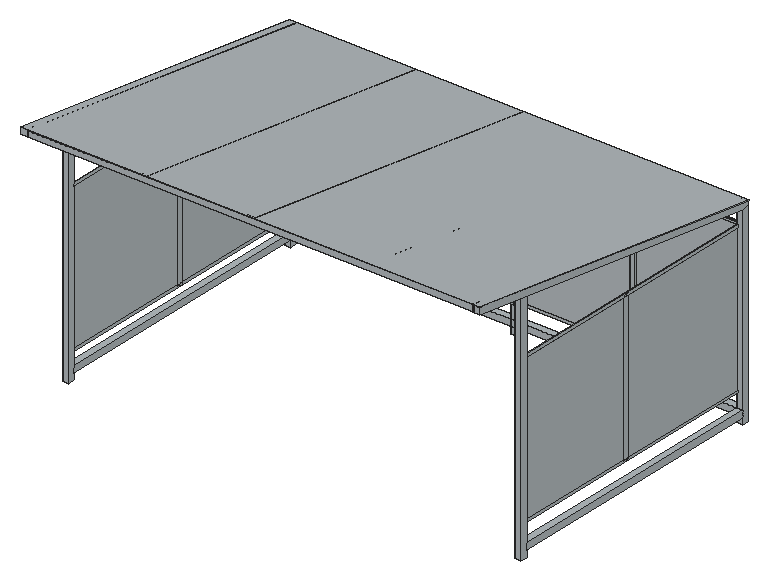
Revit family "8043681 - Nova Steel Post Straight Tin Roof Galvanised – Sunken Foundation", category Furniture, Revit 2020
Family settings
  OmniClass Number = 23.21.23.13.15
  Work Plane-Based = No
  Always vertical = Yes
  Cut with Voids When Loaded = No
  Shared = No
  Room Calculation Point = No
Parameters (values of type "8043681 Galvanised")
  Uniclass 1.4 Description = "Furniture"
  Uniclass 1.4 Code = "L8211"
  URL = "https://www.hags.com/"
  QR code = ""
  Product url = "https://www.hags.com/en-us/park-urban/bicycle-storage/nova-cycle-shed/steel-post-sunken-foundation-straight-plastic-roof-jan-2014-galvanised"
  Product name = "Steel Post Straight Tin Roof Galvanised – Sunken Foundation"
  Product data url = ""
  Product SKU = ""
  Product Guid = "90e49432-c870-4a59-897e-b15016e8f9bd"
  OmniClass Description = ""
  OmniClass Code = "23-21 23 13 15"
  Model = "8043681"
  Manufacturer name = "HAGS"
  Manufacturer = "Hags"
  IFC Classification = "Furniture"
  Edition number = 1
  Description = "Steel Post Straight Tin Roof Galvanised"  # constant formula
  Default Elevation = 0 mm
  Construction material = Hags - Steel - Galvanized
  Body material_90 = Hags - Steel - Mesh
  Body material = Hags - Steel - Galvanized
  BIMobject category = "bicycle-storage"
Reference planes
  plane 1 "Center (Front/Back)": y = 0
  plane 2: z = 0
  plane 3 "Center (Left/Right)": x = 0
Forms (mm)
  Extrusion 1, solid, material "Hags - Steel - Galvanized" <- "Construction material"
    sketch origin (0, 0, 0) x (1, 0, 0) y (0, 1, 0)
      loop
        line (2304.823, 1564.875) -> (2244.823, 1564.875) -> (2244.823, 1504.875) -> (2304.823, 1504.875) -> (2304.823, 1564.875)
      loop
        line (2247.823, 1561.875) -> (2247.823, 1507.875) -> (2301.823, 1507.875) -> (2301.823, 1561.875) -> (2247.823, 1561.875)
    from 0 to 1764.748
  Extrusion 2, solid, material "Hags - Steel - Galvanized" <- "Construction material"
    sketch origin (-4140, 0, 0) x (1, 0, 0) y (0, 1, 0)
      loop
        line (2304.823, 1564.875) -> (2244.823, 1564.875) -> (2244.823, 1504.875) -> (2304.823, 1504.875) -> (2304.823, 1564.875)
      loop
        line (2247.823, 1561.875) -> (2247.823, 1507.875) -> (2301.823, 1507.875) -> (2301.823, 1561.875) -> (2247.823, 1561.875)
    from 0 to 1800
  Extrusion 3, solid, material "Hags - Steel - Galvanized" <- "Construction material"
    sketch origin (0, -2540, 0) x (1, 0, 0) y (0, 1, 0)
      loop
        line (2304.823, 1564.875) -> (2244.823, 1564.875) -> (2244.823, 1504.875) -> (2304.823, 1504.875) -> (2304.823, 1564.875)
      loop
        line (2247.823, 1561.875) -> (2247.823, 1507.875) -> (2301.823, 1507.875) -> (2301.823, 1561.875) -> (2247.823, 1561.875)
    from 0 to 2200
  Extrusion 4, solid, material "Hags - Steel - Galvanized" <- "Construction material"
    sketch origin (-4140, -2540, 0) x (1, 0, 0) y (0, 1, 0)
      loop
        line (2304.823, 1564.875) -> (2244.823, 1564.875) -> (2244.823, 1504.875) -> (2304.823, 1504.875) -> (2304.823, 1564.875)
      loop
        line (2247.823, 1561.875) -> (2247.823, 1507.875) -> (2301.823, 1507.875) -> (2301.823, 1561.875) -> (2247.823, 1561.875)
    from 0 to 2200
  Extrusion 5, solid, material "Hags - Steel - Galvanized" <- "Construction material"
    sketch origin (0, 0, 1720) x (1, 0, 0) y (0, 1, 0)
      loop
        line (-1835.177, 1564.875) -> (-1835.177, 1504.875) -> (2244.823, 1504.875) -> (2244.823, 1564.875) -> (-1835.177, 1564.875)
    from 0 to 92.5
  Extrusion 6, solid, material "Hags - Steel - Galvanized" <- "Construction material"
    sketch origin (-1895, 0, 12.5) x (0, 1, 0) y (0, 0, 1)
      loop
        line (-1507.214, 2214.85) -> (1564.875, 1739.285) -> (1564.875, 1800) -> (-1507.214, 2275.565) -> (-1507.214, 2214.85)
    from -8.457 to 60
  Extrusion 7, solid, material "Hags - Steel - Galvanized" <- "Construction material"
    sketch origin (0, 0, 60) x (1, 0, 0) y (0, 1, 0)
      loop
        line (-1835.177, 1564.875) -> (-1835.177, 1504.875) -> (2244.823, 1504.875) -> (2244.823, 1564.875) -> (-1835.177, 1564.875)
    from 0 to 60
  Extrusion 8, solid, material "Hags - Steel - Galvanized" <- "Construction material"
    sketch origin (739.949, -315.401, 60) x (0, -1, 0) y (1, 0, 0)
      loop
        line (-1820.276, 1564.875) -> (-1820.276, 1504.875) -> (659.724, 1504.875) -> (659.724, 1564.875) -> (-1820.276, 1564.875)
    from 0 to 60
  Extrusion 9, solid, material "Hags - Steel - Galvanized" <- "Construction material"
    sketch origin (-3399.875, -315.401, 60) x (0, -1, 0) y (1, 0, 0)
      loop
        line (-1820.276, 1564.875) -> (-1820.276, 1504.875) -> (659.724, 1504.875) -> (659.724, 1564.875) -> (-1820.276, 1564.875)
    from 0 to 60
  Extrusion 10, solid, material "Hags - Steel - Galvanized" <- "Construction material"
    sketch origin (0.177, -3012.088, 2228.119) x (1, 0, 0) y (0, 1, 0)
      loop
        line (-1835.177, 1564.875) -> (-1835.177, 1504.875) -> (2244.823, 1504.875) -> (2244.823, 1564.875) -> (-1835.177, 1564.875)
    from 0 to 53.375
  Extrusion 11, solid, material "Hags - Steel - Galvanized" <- "Construction material"
    sketch origin (0.177, -2549.912, 2079.994) x (1, 0, 0) y (0, 1, 0)
      loop
        line (-1835.177, 1564.875) -> (-1835.177, 1504.875) -> (2244.823, 1504.875) -> (2244.823, 1564.875) -> (-1835.177, 1564.875)
    from 0 to 60
  Extrusion 12, solid, material "Hags - Steel - Galvanized" <- "Construction material"
    sketch origin (-2070, 0, 0) x (1, 0, 0) y (0, 1, 0)
      loop
        line (2304.823, 1564.875) -> (2244.823, 1564.875) -> (2244.823, 1504.875) -> (2304.823, 1504.875) -> (2304.823, 1564.875)
      loop
        line (2247.823, 1561.875) -> (2247.823, 1507.875) -> (2301.823, 1507.875) -> (2301.823, 1561.875) -> (2247.823, 1561.875)
    from 0 to 1764.748
  Extrusion 13, solid, material "Hags - Steel - Galvanized" <- "Construction material"
    sketch origin (2244.823, 0, 12.5) x (0, 1, 0) y (0, 0, 1)
      loop
        line (-1507.214, 2214.85) -> (1564.875, 1739.285) -> (1564.875, 1800) -> (-1507.214, 2275.565) -> (-1507.214, 2214.85)
    from -8.457 to 60
  Extrusion 14, solid, material "Hags - Steel - Galvanized" <- "Construction material"
    sketch origin (-805.059, 0, 12.5) x (0, 1, 0) y (0, 0, 1)
      loop
        line (-1500.037, 2213.739) -> (1564.875, 1739.285) -> (1564.875, 1800) -> (-1500.037, 2274.454) -> (-1500.037, 2213.739)
    from -8.457 to 60
  Extrusion 15, solid, material "Hags - Steel - Galvanized" <- "Construction material"
    sketch origin (178.632, 0, 12.5) x (0, 1, 0) y (0, 0, 1)
      loop
        line (-1500.037, 2213.739) -> (1564.875, 1739.285) -> (1564.875, 1800) -> (-1500.037, 2274.454) -> (-1500.037, 2213.739)
    from -8.457 to 60
  Extrusion 16, solid, material "Hags - Steel - Galvanized" <- "Body material"
    sketch origin (0, 0, 0) x (0, 1, 0) y (0, 0, 1)
      loop
        line (-1507.239, 2288.123) -> (1564.891, 1812.552) -> (1564.891, 1817.381) -> (-1507.239, 2292.953) -> (-1507.239, 2288.123)
    from -1895.177 to 2304.823
  Extrusion 17, solid, material "Hags - Steel - Mesh" <- "Body material_90"
    sketch origin (-1651.71, 3857.005, 0) x (1, 0, 0) y (0, 1, 0)
      loop
        line (-183.467, -2290.881) -> (-183.467, -2310.881) -> (3896.533, -2310.881) -> (3896.533, -2290.881) -> (-183.467, -2290.881)
    from 244.94 to 1615.805
  Extrusion 18, solid, material "Hags - Steel - Galvanized" <- "Construction material"
    sketch origin (-4.531, -1301.546, 0) x (1, 0, 0) y (0, 1, 0)
      loop
        line (2259.654, 1551.611) -> (2246.053, 1551.611) -> (2246.053, 1509.267) -> (2259.654, 1509.267) -> (2259.654, 1551.611)
      loop
        line (2246.877, 1549.894) -> (2246.877, 1510.412) -> (2258.818, 1510.412) -> (2258.818, 1549.894) -> (2246.877, 1549.894)
    from 244.94 to 1615.805
  Extrusion 19, solid, material "Hags - Steel - Mesh" <- "Body material_90"
    sketch origin (4555.391, 1322.158, 0) x (0, -1, 0) y (1, 0, 0)
      loop
        line (-183.467, -2304.42) -> (-183.467, -2310.881) -> (2297.283, -2310.881) -> (2297.283, -2304.42) -> (-183.467, -2304.42)
    from 244.94 to 1615.805
  Extrusion 20, solid, material "Hags - Steel - Galvanized" <- "Construction material"
    sketch origin (-4.531, 1214.578, -1277.879) x (1, 0, 0) y (0, 0, 1)
      loop
        line (2259.654, 1540.083) -> (2246.053, 1540.083) -> (2246.053, 1521.421) -> (2259.654, 1521.421) -> (2259.654, 1540.083)
      loop
        line (2246.877, 1539.364) -> (2246.877, 1522.187) -> (2258.818, 1522.187) -> (2258.818, 1539.364) -> (2246.877, 1539.364)
    from -293.296 to 2189.704
  Extrusion 21, solid, material "Hags - Steel - Galvanized" <- "Construction material"
    sketch origin (-4.531, 1209.704, 78.371) x (1, 0, 0) y (0, 0, 1)
      loop
        line (2259.654, 1540.083) -> (2246.053, 1540.083) -> (2246.053, 1521.421) -> (2259.654, 1521.421) -> (2259.654, 1540.083)
      loop
        line (2246.877, 1539.364) -> (2246.877, 1522.187) -> (2258.818, 1522.187) -> (2258.818, 1539.364) -> (2246.877, 1539.364)
    from -293.296 to 2189.704
  Extrusion 22, solid, material "Hags - Steel - Galvanized" <- "Construction material"
    sketch origin (-4093.553, -1301.546, 0) x (1, 0, 0) y (0, 1, 0)
      loop
        line (2259.654, 1551.611) -> (2246.053, 1551.611) -> (2246.053, 1509.267) -> (2259.654, 1509.267) -> (2259.654, 1551.611)
      loop
        line (2246.877, 1549.894) -> (2246.877, 1510.412) -> (2258.818, 1510.412) -> (2258.818, 1549.894) -> (2246.877, 1549.894)
    from 244.94 to 1615.805
  Extrusion 23, solid, material "Hags - Steel - Mesh" <- "Body material_90"
    sketch origin (466.369, 1322.158, 0) x (0, -1, 0) y (1, 0, 0)
      loop
        line (-183.467, -2304.42) -> (-183.467, -2310.881) -> (2297.283, -2310.881) -> (2297.283, -2304.42) -> (-183.467, -2304.42)
    from 244.94 to 1615.805
  Extrusion 24, solid, material "Hags - Steel - Galvanized" <- "Construction material"
    sketch origin (-4093.553, 1214.578, -1277.879) x (1, 0, 0) y (0, 0, 1)
      loop
        line (2259.654, 1540.083) -> (2246.053, 1540.083) -> (2246.053, 1521.421) -> (2259.654, 1521.421) -> (2259.654, 1540.083)
      loop
        line (2246.877, 1539.364) -> (2246.877, 1522.187) -> (2258.818, 1522.187) -> (2258.818, 1539.364) -> (2246.877, 1539.364)
    from -293.296 to 2189.704
  Extrusion 25, solid, material "Hags - Steel - Galvanized" <- "Construction material"
    sketch origin (-4093.553, 1209.704, 78.371) x (1, 0, 0) y (0, 0, 1)
      loop
        line (2259.654, 1540.083) -> (2246.053, 1540.083) -> (2246.053, 1521.421) -> (2259.654, 1521.421) -> (2259.654, 1540.083)
      loop
        line (2246.877, 1539.364) -> (2246.877, 1522.187) -> (2258.818, 1522.187) -> (2258.818, 1539.364) -> (2246.877, 1539.364)
    from -293.296 to 2189.704
  Extrusion 26, solid, material "Hags - Steel - Galvanized" <- "Construction material"
    sketch origin (-265.062, 3797.327, 0) x (0, -1, 0) y (1, 0, 0)
      loop
        line (2259.654, 1551.611) -> (2246.053, 1551.611) -> (2246.053, 1509.267) -> (2259.654, 1509.267) -> (2259.654, 1551.611)
      loop
        line (2246.877, 1549.894) -> (2246.877, 1510.412) -> (2258.818, 1510.412) -> (2258.818, 1549.894) -> (2246.877, 1549.894)
    from 244.94 to 1615.805
  Extrusion 27, solid, material "Hags - Steel - Galvanized" <- "Construction material"
    sketch origin (2251.062, 3797.327, -1277.879) x (0, -1, 0) y (0, 0, 1)
      loop
        line (2259.654, 1540.083) -> (2246.053, 1540.083) -> (2246.053, 1521.421) -> (2259.654, 1521.421) -> (2259.654, 1540.083)
      loop
        line (2246.877, 1539.364) -> (2246.877, 1522.187) -> (2258.818, 1522.187) -> (2258.818, 1539.364) -> (2246.877, 1539.364)
    from 9.54 to 2019.239
  Extrusion 28, solid, material "Hags - Steel - Galvanized" <- "Construction material"
    sketch origin (2246.188, 3797.327, 78.371) x (0, -1, 0) y (0, 0, 1)
      loop
        line (2259.654, 1540.083) -> (2246.053, 1540.083) -> (2246.053, 1521.421) -> (2259.654, 1521.421) -> (2259.654, 1540.083)
      loop
        line (2246.877, 1539.364) -> (2246.877, 1522.187) -> (2258.818, 1522.187) -> (2258.818, 1539.364) -> (2246.877, 1539.364)
    from 9.822 to 2011.365
  Extrusion 29, solid, material "Hags - Steel - Galvanized" <- "Construction material"
    sketch origin (1240, 0.037, 12.5) x (0, 1, 0) y (0, 0, 1)
      loop
        line (-1500.037, 2213.739) -> (1564.875, 1739.285) -> (1564.875, 1800) -> (-1500.037, 2274.454) -> (-1500.037, 2213.739)
    from -8.457 to 60
  Extrusion 30, solid, material "Hags - Steel - Galvanized" <- "Construction material"
    sketch origin (-2330.785, 3797.327, 0) x (0, -1, 0) y (1, 0, 0)
      loop
        line (2259.654, 1551.611) -> (2246.053, 1551.611) -> (2246.053, 1509.267) -> (2259.654, 1509.267) -> (2259.654, 1551.611)
      loop
        line (2246.877, 1549.894) -> (2246.877, 1510.412) -> (2258.818, 1510.412) -> (2258.818, 1549.894) -> (2246.877, 1549.894)
    from 244.94 to 1615.805
  Extrusion 31, solid, material "Hags - Steel - Galvanized" <- "Construction material"
    sketch origin (185.34, 3797.327, -1277.879) x (0, -1, 0) y (0, 0, 1)
      loop
        line (2259.654, 1540.083) -> (2246.053, 1540.083) -> (2246.053, 1521.421) -> (2259.654, 1521.421) -> (2259.654, 1540.083)
      loop
        line (2246.877, 1539.364) -> (2246.877, 1522.187) -> (2258.818, 1522.187) -> (2258.818, 1539.364) -> (2246.877, 1539.364)
    from 9.54 to 2019.239
  Extrusion 32, solid, material "Hags - Steel - Galvanized" <- "Construction material"
    sketch origin (180.465, 3797.327, 78.371) x (0, -1, 0) y (0, 0, 1)
      loop
        line (2259.654, 1540.083) -> (2246.053, 1540.083) -> (2246.053, 1521.421) -> (2259.654, 1521.421) -> (2259.654, 1540.083)
      loop
        line (2246.877, 1539.364) -> (2246.877, 1522.187) -> (2258.818, 1522.187) -> (2258.818, 1539.364) -> (2246.877, 1539.364)
    from 9.822 to 2011.365
Dimensions and locks
  aligned and locked: level to plane 2
